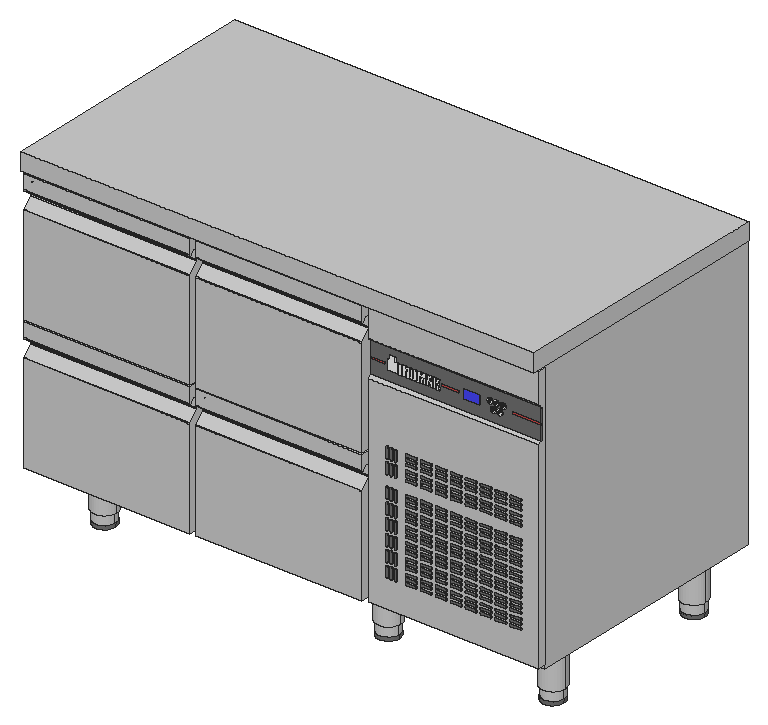
Revit family "QF_INOMAK_PNRP99_250611032759", category Specialty Equipment, Revit 2021
Family settings
  Round Connector Dimension = Use Diameter
  Part Type = Normal
  OmniClass Number = 23.40.40.14
  OmniClass Title = Food Service Equipment
  Work Plane-Based = No
  Always vertical = Yes
  Cut with Voids When Loaded = No
  Shared = No
  Room Calculation Point = No
Parameters (values of type "PNRP99")
  Weight [instance] = 108.00 kg
  Warranty Start Date [instance] = ""
  Warranty Duration [instance] = ""
  Volts [instance] = 230 V
  Volt Free Conn [instance] = no
  URL Recommended Spares List [instance] = ""
  URL Manufacturer [instance] = ""
  URL Cutsheet [instance] = ""
  URL Critical Spares List [instance] = ""
  URL = "www.inomak.com"
  Technical Documentation [instance] = ""
  Tag Number [instance] = ""
  Status [instance] = ""
  Start Up Current [instance] = 0 A
  Specification by User [instance] = ""
  Specification by Manufacturer [instance] = ""
  Sound Level [instance] = ""
  Show Logo [instance] = yes
  Show Clearances [instance] = yes
  Service Life Duration [instance] = ""
  Serial Number [instance] = ""
  Seismic Rating [instance] = ""
  SMACNA No [instance] = ""
  Revision Code [instance] = ""
  Revision [instance] = ""
  Production Year [instance] = ""
  Potential Equalisation [instance] = no
  Point Load [instance] = 0
  Phase [instance] = 1
  Other Equipment Approvals [instance] = ""
  Operational Current [instance] = 0 A
  Number of Poles [instance] = 2
  No Load Power Draw [instance] = no
  NAFEM Spec ID Number [instance] = ""
  Model Warning [instance] = ""
  Model = "PNRP99"
  Min Ckt Ampacity [instance] = 0 A
  Max Overcurrent Protection [instance] = 10 A
  Masterspec [instance] = ""
  Manufacturer = "INOMAK"
  Main switch integrated [instance] = no
  Length Actual [instance] = 1342 mm
  Item Number [instance] = ""
  Installed By [instance] = ""
  Installation Date [instance] = ""
  Identify Quantity as Lot [instance] = no
  ID [instance] = ""
  Hygiene Approval [instance] = ""
  Height Actual [instance] = 900 mm
  HP power [instance] = ""
  Furnished By [instance] = ""
  Foodservice Equipment Identifier [instance] = no
  FL Amps [instance] = 1.49 A
  Electrical Remarks [instance] = ""
  Electric power [instance] = 340 W
  Electric Connection Type [instance] = ""
  Elec Conn RI Height [instance] = 0 mm
  Elec Conn Connection Height [instance] = 0 mm
  ETL Approved [instance] = no
  Description = "PINE REFRIGERATED COUNTER WITH 2 GN 1/1 DOORS"
  Depth Actual [instance] = 700 mm
  Default Elevation = 0 mm
  Cycle [instance] = 50 Hz
  Cost = 0
  Connection to energy optimisation system [instance] = yes
  Conn Plug [instance] = ""
  Conn Conduit [instance] = no
  Centralized building control system with digital interface [instance] = ""
  CSI MasterFormat [instance] = ""
  CE Approved [instance] = no
  Barcode [instance] = 0
  Author [instance] = ""
  Asset Identifier [instance] = ""
  Apparent Power [instance] = 340 VA
  Accessory [instance] = no
Reference planes
  plane 1 "Center (Front/Back)": y = 0
  plane 2: z = 0
  plane 3 "Center (Left/Right)": x = 0
Forms (mm)
  Extrusion 1, solid, not visible
    sketch origin (940.046, -100.005, 146.007) x (1, 0, 0) y (0, 1, 0)
      loop
        line (-2, 2) -> (-2, -2) -> (2, -2) -> (2, 2) -> (-2, 2)
    from -2 to 2
Dimensions and locks
  locked: nested 2 to Extrusion 1 at 2  (x2)
  aligned and locked: level to plane 2
Nested families
  nested 1: "QF_INOMAK_REF_COUNTERS_1345_2920" at (0, 0, 144), type "PNRP99"
    with Weight 108.00 kg, Warranty Start Date "", Warranty Duration "", URL Cutsheet "", Technical Documentation "", Tag Number "", Status "", Specification by User "", Specification by Manufacturer "", Sound Level "", Solid Fuel Type "", Show Clearances yes, Show Clearance yes, Service Life Duration "", Serial Number "", Seismic Rating "", SMACNA No "", Revision Code "", Revision "", Production Year "", Point Load 0, Other Equipment Approvals "", NAFEM Spec ID Number "", Model Warning "", Masterspec "", Length Actual 1342 mm, Item Number "", Installed By "", Installation Date "", Identify Quantity as Lot yes, ID "", Hygiene Approval "", Height Actual 900 mm, Furnished By "", Foodservice Equipment Identifier yes, Finish none, ETL Approved yes, Depth Actual 700 mm, CSI MasterFormat "", CE Approved yes, Barcode "", Author "", Asset Identifier "", Accessory no
  nested 2: "CONN_POINT_ELE_2D___Generic_Annotation" at (940.046, -100.005, 144.007), type "CONN_POINT_ELE_2D___Generic_Annotation"
    with Onboard connection annotation symbol visibility yes
  nested 3: "QF_INOMAK_REF_COUNTERS_DOORS_DRAWERS_6956" at (0, -700, 144), type "DW-2-710"
    with Weight 0.00 kg, Warranty Start Date "", Warranty Duration "", URL Cutsheet "", Top inset 10 mm, Technical Documentation "", Tag Number "", Status "", Specification by User "", Specification by Manufacturer "", Sound Level "", Solid Fuel Type "", Show Logo yes, Show Clearances yes, Service Life Duration "", Serial Number "", Seismic Rating "", SMACNA No "", Right panel thickness 0 mm, Revision Code "", Revision "", Rear inset 0 mm, Production Year "", Point Load 0, Plinth height 0 mm, Other Equipment Approvals "", NAFEM Spec ID Number "", Model Warning "", Masterspec "", Length Actual 435 mm, Left panel thickness 0 mm, Item Number "", Installed By "", Installation Date "", Identify Quantity as Lot yes, ID "", Hygiene Approval "", Height Actual 710 mm, Furnished By "", Front inset 10 mm, Foodservice Equipment Identifier yes, Finish none, ETL Approved yes, Doors drawers type 4, Depth Actual 80 mm, CSI MasterFormat "", CE Approved yes, Bottom inset 10 mm, Barcode "", Author "", Asset Identifier "", Accessory yes
  nested 4: "QF_INOMAK_REF_COUNTERS_DOORS_DRAWERS_16448" at (450, -700, 144), type "DW-2-710"
    with Weight 0.00 kg, Warranty Start Date "", Warranty Duration "", URL Cutsheet "", Top inset 10 mm, Technical Documentation "", Tag Number "", Status "", Specification by User "", Specification by Manufacturer "", Sound Level "", Solid Fuel Type "", Show Logo yes, Show Clearances yes, Service Life Duration "", Serial Number "", Seismic Rating "", SMACNA No "", Right panel thickness 0 mm, Revision Code "", Revision "", Rear inset 0 mm, Production Year "", Point Load 0, Plinth height 0 mm, Other Equipment Approvals "", NAFEM Spec ID Number "", Model Warning "", Masterspec "", Length Actual 435 mm, Left panel thickness 0 mm, Item Number "", Installed By "", Installation Date "", Identify Quantity as Lot yes, ID "", Hygiene Approval "", Height Actual 710 mm, Furnished By "", Front inset 10 mm, Foodservice Equipment Identifier yes, Finish none, ETL Approved yes, Doors drawers type 4, Depth Actual 80 mm, CSI MasterFormat "", CE Approved yes, Bottom inset 10 mm, Barcode "", Author "", Asset Identifier "", Accessory yes
  nested 5: "QF_INOMAK_REF_COUNTERS_WORKTOPS_25919" at (0, 0, 854), type "WTWT-1345-700"
    with Worktop without backsplash yes, Worktop with backsplash no, Worktop type 3, Worktop thickness 46 mm, Without worktop no, Weight 0.00 kg, Warranty Start Date "", Warranty Duration "", URL Cutsheet "", Technical Documentation "", Tag Number "", Status "", Specification by User "", Specification by Manufacturer "", Sound Level "", Solid Fuel Type "", Show Logo yes, Show Clearances yes, Service Life Duration "", Serial Number "", Seismic Rating "", SMACNA No "", Revision Code "", Revision "", Production Year "", Point Load 0, Other Equipment Approvals "", NAFEM Spec ID Number "", Model Warning "", Masterspec "", Length Actual 1342 mm, Item Number "", Installed By "", Installation Date "", Identify Quantity as Lot yes, ID "", Hygiene Approval "", Height Actual 46 mm, Height AFF 0 mm, Furnished By "", Foodservice Equipment Identifier yes, Finish none, ETL Approved yes, Depth Actual 700 mm, CSI MasterFormat "", CE Approved yes, Barcode "", Backsplash thickness 20 mm, Backsplash height 60 mm, Author "", Asset Identifier "", Accessory yes
  nested 6: "QF_INOMAK_REF_COUNTERS_LEGS_27746" at (0, 0, 0), type "LG-1345-700"
    with Weight 0.00 kg, Warranty Start Date "", Warranty Duration "", URL Cutsheet "", Technical Documentation "", Tag Number "", Status "", Specification by User "", Specification by Manufacturer "", Sound Level "", Solid Fuel Type "", Show Logo yes, Show Clearances yes, Service Life Duration "", Serial Number "", Seismic Rating "", SMACNA No "", Revision Code "", Revision "", Production Year "", Point Load 0, Other Equipment Approvals "", NAFEM Spec ID Number "", Model Warning "", Masterspec "", Length Actual 1342 mm, Legs inset right 70 mm, Legs inset rear 90 mm, Legs inset left 100 mm, Legs inset front 150 mm, Item Number "", Installed By "", Installation Date "", Identify Quantity as Lot yes, ID "", Hygiene Approval "", Height Actual 144 mm, Furnished By "", Foodservice Equipment Identifier yes, ETL Approved yes, Depth Actual 700 mm, CentralLegs no, CSI MasterFormat "", CE Approved yes, Barcode "", Author "", Asset Identifier "", Accessory yes
Connectors
  electrical at (940.046, -100.005, 144.007), driven by "Apparent Power", driven by "Number of Poles", driven by "Volts"
    settings: on Extrusion 1, index 1, voltage 230 V, apparent load 0 VA, apparent load phase1 340 VA, apparent load phase2 0 VA, apparent load phase3 0 VA, power factor 1, load classification "Other", number of poles 2, system type 31, power factor state 1, is connector primary yes, connector utility no, sub classification motor no, connector description "Electrical connection for PNRP99"
Definition of nested family "QF_INOMAK_REF_COUNTERS_1345_2920"
  Parameters (values of type "PNRP99")
    Weight [instance] = 0.00 kg
    Warranty Start Date [instance] = ""
    Warranty Duration [instance] = ""
    URL Cutsheet [instance] = ""
    URL = "www.inomak.com"
    Technical Documentation [instance] = ""
    Tag Number [instance] = ""
    Status [instance] = ""
    Specification by User [instance] = ""
    Specification by Manufacturer [instance] = ""
    Sound Level [instance] = ""
    Solid Fuel Type [instance] = ""
    Show Logo = yes
    Show Clearances [instance] = yes
    Show Clearance [instance] = yes
    Service Life Duration [instance] = ""
    Serial Number [instance] = ""
    Seismic Rating [instance] = ""
    SMACNA No [instance] = ""
    Revision Code [instance] = ""
    Revision [instance] = ""
    Production Year [instance] = ""
    Point Load [instance] = 0
    Other Equipment Approvals [instance] = ""
    NAFEM Spec ID Number [instance] = ""
    Model Warning [instance] = ""
    Model = "PNRP99"
    Masterspec [instance] = ""
    Manufacturer = "INOMAK"
    Length Actual [instance] = 0 mm
    Length = 1342 mm
    Item Number [instance] = ""
    Installed By [instance] = ""
    Installation Date [instance] = ""
    Identify Quantity as Lot [instance] = yes
    ID [instance] = ""
    Hygiene Approval [instance] = ""
    Height Actual [instance] = 0 mm
    Height = 710 mm
    Furnished By [instance] = ""
    Foodservice Equipment Identifier [instance] = yes
    Finish [instance] = none
    ETL Approved [instance] = yes
    Description = "PINE REFRIGERATED COUNTER WITH 2 GN 1/1 DOORS"
    Depth Actual [instance] = 0 mm
    Depth = 700 mm
    Default Elevation = 0 mm
    CSI MasterFormat [instance] = ""
    CE Approved [instance] = yes
    Barcode [instance] = ""
    Author [instance] = ""
    Asset Identifier [instance] = ""
    Assembly Code = "E1090320"
    Accessory [instance] = yes
  Types (2, lengths in mm): name | Model | Description | Depth
    PNRP99 | "PNRP99" | "PINE REFRIGERATED COUNTER WITH 2 GN 1/1 DOORS" | 700
    PMRP99 | "PMRP99" | "CLOVER CHILLER COUNTER WITH 2 DOORS, COMPACT DIMENSIONS" | 600
  Reference planes
    plane 1 "Back": y = 0
    plane 2: z = 0
    plane 3 "Left": x = 0
    plane 4 "Right": x = 1342
    plane 5 "Front": y = -700
    plane 6 "Top": z = 710
  Forms (mm)
    Extrusion 1, solid, material <- "Finish"
      sketch origin (0, 0, 0) x (1, 0, 0) y (0, 1, 0)
        loop
          line (0, -648) -> (30, -648) -> (30, -30) -> (867, -30) -> (867, -648) -> (897, -648) -> (897, -665) -> (1342, -665) -> (1342, 0) -> (0, 0) -> (0, -648)
      from 0 to 710
    Extrusion 2, solid, material <- "Finish"
      sketch origin (0, 0, 0) x (1, 0, 0) y (0, 1, 0)
        loop
          line (30, -30) -> (30, -648) -> (867, -648) -> (867, -30) -> (30, -30)
      from 0 to 45
    Extrusion 3, solid, material <- "Finish"
      sketch origin (0, 0, 710) x (0, 1, 0) y (-1, 0, 0)
        loop
          line (-30, -30) -> (-648, -30) -> (-648, -867) -> (-30, -867) -> (-30, -30)
      from 0 to -30
    Extrusion 4, solid, material <- "Finish"
      sketch origin (1342, 0, 0) x (0, -1, 0) y (0, 0, 1)
        loop
          line (683.05, 705) -> (665, 705) -> (665, 10) -> (683.05, 10) -> (683.05, 532.058) -> (676.05, 539.058) -> (676.05, 618.864) -> (683.05, 625.864) -> (683.05, 705)
      from 0 to 445
    Extrusion 5, solid
      sketch origin (0, -700, 0) x (-1, 0, 0) y (0, 0, 1)
        loop
          circle (-1208.654, 586.73) r 6.965
        loop
          circle (-1225.685, 586.73) r 6.965
        loop
          circle (-1242.694, 586.73) r 6.965
        loop
          circle (-1217.18, 568.729) r 6.965
        loop
          circle (-1234.189, 568.729) r 6.965
        loop
          circle (-1208.654, 586.73) r 3.965
        loop
          circle (-1225.685, 586.73) r 3.965
        loop
          circle (-1242.694, 586.73) r 3.965
        loop
          circle (-1217.18, 568.729) r 3.965
        loop
          circle (-1234.189, 568.729) r 3.965
      from 23 to 25.5
    Extrusion 6, solid
      sketch origin (0, -700, 0) x (-1, 0, 0) y (0, 0, 1)
        loop
          line (-1180.865, 590.461) -> (-1180.865, 567.461) -> (-1140.865, 567.461) -> (-1140.865, 590.461) -> (-1180.865, 590.461)
      from 23 to 25.5
    Extrusion 7, solid
      sketch origin (0, -700, 0) x (-1, 0, 0) y (0, 0, 1)
        loop
          line (-897, 618.864) -> (-1342, 618.864) -> (-1342, 539.058) -> (-897, 539.058) -> (-897, 618.864)
      from 23.5 to 25.5
    Extrusion 8, solid, visible <- "Show Logo"
      sketch origin (0, -700, 0) x (-1, 0, 0) y (0, 0, 1)
        loop
          line (-941.061, 591.01) -> (-947.061, 591.01) -> (-947.061, 602.118) -> (-961.298, 602.118) -> (-961.298, 591.01) -> (-967.298, 591.01) -> (-967.298, 564.76) -> (-941.061, 564.76) -> (-941.061, 591.01)
        loop
          line (-971.613, 590.698) -> (-978.903, 590.698) -> (-978.903, 564.76) -> (-971.613, 564.76) -> (-971.613, 590.698)
        loop
          line (-981.422, 564.76) -> (-981.422, 590.698) -> (-988.256, 590.698) -> (-991.449, 578.78) -> (-991.449, 590.698) -> (-997.982, 590.698) -> (-997.982, 564.76) -> (-991.449, 564.76) -> (-987.735, 578.623) -> (-987.735, 564.76) -> (-981.422, 564.76)
        loop
          line (-1018.664, 564.76) -> (-1018.664, 590.698) -> (-1027.626, 590.698) -> (-1029.988, 576.688) -> (-1032.35, 590.698) -> (-1041.312, 590.698) -> (-1041.312, 564.76) -> (-1034.687, 564.76) -> (-1034.687, 578.623) -> (-1032.35, 564.76) -> (-1027.626, 564.76) -> (-1025.289, 578.623) -> (-1025.289, 564.76) -> (-1018.664, 564.76)
        loop
          line (-1003.851, 590.698) -> (-1013.176, 590.698)
          arc (-1013.176, 590.698) -> (-1015.773, 589.622) -> (-1016.849, 587.026) r 3.672
          line (-1016.849, 587.026) -> (-1016.849, 568.433)
          arc (-1016.849, 568.433) -> (-1015.773, 565.836) -> (-1013.176, 564.76) r 3.672
          line (-1013.176, 564.76) -> (-1003.851, 564.76)
          arc (-1003.851, 564.76) -> (-1001.255, 565.836) -> (-1000.179, 568.433) r 3.672
          line (-1000.179, 568.433) -> (-1000.179, 587.026)
          arc (-1000.179, 587.026) -> (-1001.255, 589.622) -> (-1003.851, 590.698) r 3.672
        loop
          arc (-1007.487, 587.542) -> (-1008.514, 588.569) -> (-1009.541, 587.542) r 1.027
          line (-1009.541, 587.542) -> (-1009.541, 568.949)
          arc (-1009.541, 568.949) -> (-1008.514, 567.922) -> (-1007.487, 568.949) r 1.027
          line (-1007.487, 568.949) -> (-1007.487, 587.542)
        loop
          line (-1042.382, 564.76) -> (-1046.755, 590.698) -> (-1055.615, 590.698) -> (-1059.988, 564.76) -> (-1053.461, 564.76) -> (-1052.852, 569.723) -> (-1049.518, 569.723) -> (-1048.909, 564.76) -> (-1042.382, 564.76)
        loop
          line (-1050.074, 574.252) -> (-1051.185, 583.299) -> (-1052.296, 574.252) -> (-1050.074, 574.252)
        loop
          line (-1060.954, 564.76) -> (-1060.954, 590.698) -> (-1067.579, 590.698) -> (-1067.579, 581.585) -> (-1070.365, 590.698) -> (-1077.803, 590.698) -> (-1073.474, 579.422) -> (-1078.522, 564.76) -> (-1070.939, 564.76) -> (-1067.579, 577.3) -> (-1067.579, 564.76) -> (-1060.954, 564.76)
      from 23 to 25.5
    Extrusion 9, solid
      sketch origin (0, -700, 0) x (-1, 0, 0) y (0, 0, 1)
        loop
          line (-897, 580.961) -> (-933.995, 580.961) -> (-933.995, 576.961) -> (-897, 576.961) -> (-897, 580.961)
        loop
          line (-1082, 580.961) -> (-1126.365, 580.961) -> (-1126.365, 576.961) -> (-1082, 576.961) -> (-1082, 580.961)
        loop
          line (-1342, 580.961) -> (-1342, 576.961) -> (-1268.755, 576.961) -> (-1268.755, 580.961) -> (-1342, 580.961)
      from 23 to 25.5
  Cuts and joins
    joined: Extrusion 1, Extrusion 2, Extrusion 3
  Lines and regions (mm)
    symbolic lines, visible <- "Show Clearance"
      curve 1: line (0, 0, 0) -> (1342, 0, 0)
      curve 2: line (1342, 0, 0) -> (1342, -700, 0)
      curve 3: line (1342, -700, 0) -> (0, -700, 0)
      curve 4: line (0, -700, 0) -> (0, 0, 0)
  Dimensions and locks
    "Length": plane 3 "Left" to plane 4 "Right"
    "Depth": plane 5 "Front" to plane 1 "Back"
    "Height": plane 6 "Top" to plane 2
    aligned and locked: level to plane 2
    aligned and locked: plane 6 "Top" to Extrusion 1
    aligned and locked: nested 1 to plane 4 "Right"
    aligned and locked: plane 5 "Front" to nested 1
    aligned and locked: plane 5 "Front" to curve 3
  Automatic sketch dimensions
    plane 3 "Left" to Extrusion 2 sketch curve = 30 mm
    plane 4 "Right" to Extrusion 2 sketch curve = 475 mm
    plane 1 "Back" to Extrusion 2 sketch curve = 30 mm
    plane 1 "Back" to Extrusion 3 sketch curve = 30 mm
    plane 4 "Right" to Extrusion 3 sketch curve = 475 mm
    plane 3 "Left" to Extrusion 3 sketch curve = 30 mm
    Extrusion 1 sketch curve to plane 3 "Left" = 0 mm
    plane 1 "Back" to Extrusion 1 sketch curve = 0 mm
    Extrusion 1 sketch curve to plane 4 "Right" = 0 mm
    plane 3 "Left" to Extrusion 1 sketch curve = 30 mm
    plane 1 "Back" to Extrusion 1 sketch curve = 30 mm
    plane 4 "Right" to Extrusion 1 sketch curve = 475 mm
    Extrusion 1 sketch curve to Extrusion 1 sketch curve = 30 mm
    plane 5 "Front" to Extrusion 1 sketch curve = 35 mm
    plane 5 "Front" to Extrusion 1 sketch curve = 52 mm
    Extrusion 1 sketch curve to Extrusion 1 sketch curve = 17 mm
    plane 5 "Front" to Extrusion 2 sketch curve = 52 mm
    plane 5 "Front" to Extrusion 3 sketch curve = 52 mm
    Extrusion 4 sketch curve to plane 6 "Top" = 5 mm
    plane 5 "Front" to Extrusion 4 sketch curve = 35 mm
    plane 5 "Front" to Extrusion 4 sketch curve = 23.95 mm
    Extrusion 4 sketch curve to Extrusion 4 sketch curve = 7 mm  (x4)
    Extrusion 4 sketch curve to Extrusion 4 sketch curve = 79.136 mm
    Extrusion 4 sketch curve to Extrusion 4 sketch curve = 79.807 mm
    level to Extrusion 4 sketch curve = 10 mm
    Extrusion 5 sketch curve to Extrusion 5 sketch curve = 0 mm  (x13)
    plane 4 "Right" to Extrusion 5 sketch curve = 99.306 mm
    Extrusion 5 sketch curve to Extrusion 5 sketch curve = 8.505 mm
    Extrusion 5 sketch curve to Extrusion 5 sketch curve = 17.009 mm  (x2)
    Extrusion 5 sketch curve to Extrusion 5 sketch curve = 17.03 mm
    Extrusion 5 sketch curve to plane 6 "Top" = 141.271 mm
    Extrusion 5 sketch curve to Extrusion 5 sketch curve = 18.001 mm
    plane 4 "Right" to Extrusion 6 sketch curve = 161.135 mm
    Extrusion 6 sketch curve to Extrusion 6 sketch curve = 40 mm
    Extrusion 6 sketch curve to plane 6 "Top" = 142.539 mm
    Extrusion 6 sketch curve to Extrusion 6 sketch curve = 23 mm
    plane 4 "Right" to Extrusion 7 sketch curve = 0 mm
    Extrusion 7 sketch curve to plane 6 "Top" = 170.942 mm
    plane 4 "Right" to Extrusion 7 sketch curve = 445 mm
    Extrusion 7 sketch curve to Extrusion 7 sketch curve = 79.807 mm
    plane 4 "Right" to Extrusion 8 sketch curve = 263.478 mm
    Extrusion 8 sketch curve to Extrusion 8 sketch curve = 0.72 mm
    Extrusion 8 sketch curve to plane 6 "Top" = 130.578 mm
    Extrusion 8 sketch curve to Extrusion 8 sketch curve = 4.329 mm
    Extrusion 8 sketch curve to Extrusion 8 sketch curve = 7.584 mm
    Extrusion 8 sketch curve to plane 6 "Top" = 119.302 mm  (x2)
    Extrusion 8 sketch curve to Extrusion 8 sketch curve = 7.438 mm
    Extrusion 8 sketch curve to plane 6 "Top" = 132.7 mm
    Extrusion 8 sketch curve to Extrusion 8 sketch curve = 5.895 mm
    Extrusion 8 sketch curve to plane 6 "Top" = 128.415 mm
    Extrusion 8 sketch curve to Extrusion 8 sketch curve = 0 mm  (x11)
    Extrusion 8 sketch curve to Extrusion 8 sketch curve = 6.625 mm  (x2)
    Extrusion 8 sketch curve to Extrusion 8 sketch curve = 0.965 mm
    Extrusion 8 sketch curve to Extrusion 8 sketch curve = 5.338 mm
    Extrusion 8 sketch curve to Extrusion 8 sketch curve = 6.527 mm  (x2)
    Extrusion 8 sketch curve to plane 6 "Top" = 140.277 mm
    Extrusion 8 sketch curve to Extrusion 8 sketch curve = 0.609 mm
    Extrusion 8 sketch curve to plane 6 "Top" = 135.748 mm
    Extrusion 8 sketch curve to Extrusion 8 sketch curve = 0.556 mm
    Extrusion 8 sketch curve to plane 6 "Top" = 126.701 mm
    Extrusion 8 sketch curve to Extrusion 8 sketch curve = 4.43 mm  (x2)
    Extrusion 8 sketch curve to Extrusion 8 sketch curve = 2.222 mm
    Extrusion 8 sketch curve to Extrusion 8 sketch curve = 3.334 mm
    Extrusion 8 sketch curve to Extrusion 8 sketch curve = 4.552 mm
    Extrusion 8 sketch curve to plane 6 "Top" = 145.24 mm  (x2)
    Extrusion 8 sketch curve to Extrusion 8 sketch curve = 1.069 mm
    Extrusion 8 sketch curve to plane 6 "Top" = 131.377 mm  (x2)
    Extrusion 8 sketch curve to Extrusion 8 sketch curve = 8.962 mm  (x2)
    Extrusion 8 sketch curve to Extrusion 8 sketch curve = 2.337 mm
    Extrusion 8 sketch curve to plane 6 "Top" = 133.312 mm
    Extrusion 8 sketch curve to Extrusion 8 sketch curve = 4.699 mm  (x2)
    Extrusion 8 sketch curve to Extrusion 8 sketch curve = 4.724 mm  (x2)
    Extrusion 8 sketch curve to Extrusion 8 sketch curve = 1.815 mm
    Extrusion 8 sketch curve to Extrusion 8 sketch curve = 3.672 mm  (x8)
    Extrusion 8 sketch curve to Extrusion 8 sketch curve = 3.636 mm  (x3)
    Extrusion 8 sketch curve to Extrusion 8 sketch curve = 1.027 mm
    Extrusion 8 sketch curve to Extrusion 8 sketch curve = 2.197 mm
    Extrusion 8 sketch curve to Extrusion 8 sketch curve = 6.532 mm  (x2)
    Extrusion 8 sketch curve to Extrusion 8 sketch curve = 3.194 mm
    Extrusion 8 sketch curve to Extrusion 8 sketch curve = 3.714 mm
    Extrusion 8 sketch curve to Extrusion 8 sketch curve = 6.312 mm
    Extrusion 8 sketch curve to Extrusion 8 sketch curve = 2.52 mm
    Extrusion 8 sketch curve to Extrusion 8 sketch curve = 7.29 mm
    Extrusion 8 sketch curve to Extrusion 8 sketch curve = 4.315 mm
    Extrusion 8 sketch curve to Extrusion 8 sketch curve = 6 mm
    Extrusion 8 sketch curve to Extrusion 8 sketch curve = 14.237 mm
    Extrusion 8 sketch curve to Extrusion 8 sketch curve = 26.237 mm
    Extrusion 8 sketch curve to Extrusion 8 sketch curve = 14.661 mm
    Extrusion 8 sketch curve to Extrusion 8 sketch curve = 4.963 mm
    Extrusion 8 sketch curve to Extrusion 8 sketch curve = 0.516 mm  (x2)
    Extrusion 8 sketch curve to Extrusion 8 sketch curve = 13.862 mm
    Extrusion 8 sketch curve to Extrusion 8 sketch curve = 0.157 mm
    Extrusion 8 sketch curve to Extrusion 8 sketch curve = 26.25 mm
    Extrusion 8 sketch curve to Extrusion 8 sketch curve = 0.312 mm
    Extrusion 8 sketch curve to Extrusion 8 sketch curve = 11.107 mm
    plane 4 "Right" to Extrusion 9 sketch curve = 0 mm
    plane 4 "Right" to Extrusion 9 sketch curve = 73.245 mm
    Extrusion 9 sketch curve to Extrusion 9 sketch curve = 142.39 mm
    Extrusion 9 sketch curve to Extrusion 9 sketch curve = 44.365 mm
    Extrusion 9 sketch curve to Extrusion 9 sketch curve = 148.005 mm
    Extrusion 9 sketch curve to Extrusion 9 sketch curve = 36.995 mm
    Extrusion 9 sketch curve to plane 6 "Top" = 133.039 mm  (x3)
    Extrusion 9 sketch curve to Extrusion 9 sketch curve = 4 mm  (x3)
    plane 1 "Back" to curve 1 = 0 mm
    curve 1 to plane 3 "Left" = 0 mm
    curve 2 to plane 4 "Right" = 0 mm
    radius of Extrusion 5 sketch curve = 6.965 mm  (x5)
    radius of Extrusion 5 sketch curve = 3.965 mm  (x5)
  Nested families
    nested 1: "QF_INOMAK_CONRTOL-PANEL" at (1342, 0, 0), type "PNRP9999"
      with Show Clearance yes
  Definition of nested family "QF_INOMAK_CONRTOL-PANEL"
    Parameters (values of type "PNRP9999")
      URL = ""
      Show Logo = yes
      Show Clearance [instance] = yes
      Model = ""
      Manufacturer = ""
      Length = 0 mm
      Height = 710 mm
      Front offset = 80 mm
      Description = ""
      Depth = 700 mm
      Default Elevation = 0 mm
      Assembly Code = ""
    Reference planes
      plane 1 "Back": y = 0
      plane 2: z = 0
      plane 3 "Left": x = 0
      plane 4 "Right": x = 0
      plane 5 "Front": y = -700
      plane 6 "Top": z = 710
      plane 7 "Front offset": y = -620
    Forms (mm)
      Extrusion 1, solid
        sketch origin (-2240, -700, 0) x (-1, 0, 0) y (0, 0, 1)
          loop
            arc (-2191.4, 389.855) -> (-2194.4, 386.855) -> (-2191.4, 383.855) r 3
            line (-2191.4, 383.855) -> (-2167.4, 383.855)
            arc (-2167.4, 383.855) -> (-2164.4, 386.855) -> (-2167.4, 389.855) r 3
            line (-2167.4, 389.855) -> (-2191.4, 389.855)
          loop
            arc (-2152.4, 389.855) -> (-2155.4, 386.855) -> (-2152.4, 383.855) r 3
            line (-2152.4, 383.855) -> (-2128.4, 383.855)
            arc (-2128.4, 383.855) -> (-2125.4, 386.855) -> (-2128.4, 389.855) r 3
            line (-2128.4, 389.855) -> (-2152.4, 389.855)
          loop
            arc (-2113.4, 389.855) -> (-2116.4, 386.855) -> (-2113.4, 383.855) r 3
            line (-2113.4, 383.855) -> (-2089.4, 383.855)
            arc (-2089.4, 383.855) -> (-2086.4, 386.855) -> (-2089.4, 389.855) r 3
            line (-2089.4, 389.855) -> (-2113.4, 389.855)
          loop
            arc (-2074.4, 389.855) -> (-2077.4, 386.855) -> (-2074.4, 383.855) r 3
            line (-2074.4, 383.855) -> (-2050.4, 383.855)
            arc (-2050.4, 383.855) -> (-2047.4, 386.855) -> (-2050.4, 389.855) r 3
            line (-2050.4, 389.855) -> (-2074.4, 389.855)
          loop
            arc (-2035.4, 389.855) -> (-2038.4, 386.855) -> (-2035.4, 383.855) r 3
            line (-2035.4, 383.855) -> (-2011.4, 383.855)
            arc (-2011.4, 383.855) -> (-2008.4, 386.855) -> (-2011.4, 389.855) r 3
            line (-2011.4, 389.855) -> (-2035.4, 389.855)
          loop
            arc (-1996.4, 389.855) -> (-1999.4, 386.855) -> (-1996.4, 383.855) r 3
            line (-1996.4, 383.855) -> (-1972.4, 383.855)
            arc (-1972.4, 383.855) -> (-1969.4, 386.855) -> (-1972.4, 389.855) r 3
            line (-1972.4, 389.855) -> (-1996.4, 389.855)
          loop
            arc (-1957.4, 389.855) -> (-1960.4, 386.855) -> (-1957.4, 383.855) r 3
            line (-1957.4, 383.855) -> (-1933.4, 383.855)
            arc (-1933.4, 383.855) -> (-1930.4, 386.855) -> (-1933.4, 389.855) r 3
            line (-1933.4, 389.855) -> (-1957.4, 389.855)
          loop
            arc (-1918.4, 389.855) -> (-1921.4, 386.855) -> (-1918.4, 383.855) r 3
            line (-1918.4, 383.855) -> (-1894.4, 383.855)
            arc (-1894.4, 383.855) -> (-1891.4, 386.855) -> (-1894.4, 389.855) r 3
            line (-1894.4, 389.855) -> (-1918.4, 389.855)
          loop
            arc (-2191.4, 378.855) -> (-2194.4, 375.855) -> (-2191.4, 372.855) r 3
            line (-2191.4, 372.855) -> (-2167.4, 372.855)
            arc (-2167.4, 372.855) -> (-2164.4, 375.855) -> (-2167.4, 378.855) r 3
            line (-2167.4, 378.855) -> (-2191.4, 378.855)
          loop
            arc (-2152.4, 378.855) -> (-2155.4, 375.855) -> (-2152.4, 372.855) r 3
            line (-2152.4, 372.855) -> (-2128.4, 372.855)
            arc (-2128.4, 372.855) -> (-2125.4, 375.855) -> (-2128.4, 378.855) r 3
            line (-2128.4, 378.855) -> (-2152.4, 378.855)
          loop
            arc (-2113.4, 378.855) -> (-2116.4, 375.855) -> (-2113.4, 372.855) r 3
            line (-2113.4, 372.855) -> (-2089.4, 372.855)
            arc (-2089.4, 372.855) -> (-2086.4, 375.855) -> (-2089.4, 378.855) r 3
            line (-2089.4, 378.855) -> (-2113.4, 378.855)
          loop
            arc (-2074.4, 378.855) -> (-2077.4, 375.855) -> (-2074.4, 372.855) r 3
            line (-2074.4, 372.855) -> (-2050.4, 372.855)
            arc (-2050.4, 372.855) -> (-2047.4, 375.855) -> (-2050.4, 378.855) r 3
            line (-2050.4, 378.855) -> (-2074.4, 378.855)
          loop
            arc (-2035.4, 378.855) -> (-2038.4, 375.855) -> (-2035.4, 372.855) r 3
            line (-2035.4, 372.855) -> (-2011.4, 372.855)
            arc (-2011.4, 372.855) -> (-2008.4, 375.855) -> (-2011.4, 378.855) r 3
            line (-2011.4, 378.855) -> (-2035.4, 378.855)
          loop
            arc (-1996.4, 378.855) -> (-1999.4, 375.855) -> (-1996.4, 372.855) r 3
            line (-1996.4, 372.855) -> (-1972.4, 372.855)
            arc (-1972.4, 372.855) -> (-1969.4, 375.855) -> (-1972.4, 378.855) r 3
            line (-1972.4, 378.855) -> (-1996.4, 378.855)
          loop
            arc (-1957.4, 378.855) -> (-1960.4, 375.855) -> (-1957.4, 372.855) r 3
            line (-1957.4, 372.855) -> (-1933.4, 372.855)
            arc (-1933.4, 372.855) -> (-1930.4, 375.855) -> (-1933.4, 378.855) r 3
            line (-1933.4, 378.855) -> (-1957.4, 378.855)
          loop
            arc (-1918.4, 378.855) -> (-1921.4, 375.855) -> (-1918.4, 372.855) r 3
            line (-1918.4, 372.855) -> (-1894.4, 372.855)
            arc (-1894.4, 372.855) -> (-1891.4, 375.855) -> (-1894.4, 378.855) r 3
            line (-1894.4, 378.855) -> (-1918.4, 378.855)
          loop
            arc (-2191.4, 367.855) -> (-2194.4, 364.855) -> (-2191.4, 361.855) r 3
            line (-2191.4, 361.855) -> (-2167.4, 361.855)
            arc (-2167.4, 361.855) -> (-2164.4, 364.855) -> (-2167.4, 367.855) r 3
            line (-2167.4, 367.855) -> (-2191.4, 367.855)
          loop
            arc (-2152.4, 367.855) -> (-2155.4, 364.855) -> (-2152.4, 361.855) r 3
            line (-2152.4, 361.855) -> (-2128.4, 361.855)
            arc (-2128.4, 361.855) -> (-2125.4, 364.855) -> (-2128.4, 367.855) r 3
            line (-2128.4, 367.855) -> (-2152.4, 367.855)
          loop
            arc (-2113.4, 367.855) -> (-2116.4, 364.855) -> (-2113.4, 361.855) r 3
            line (-2113.4, 361.855) -> (-2089.4, 361.855)
            arc (-2089.4, 361.855) -> (-2086.4, 364.855) -> (-2089.4, 367.855) r 3
            line (-2089.4, 367.855) -> (-2113.4, 367.855)
          loop
            arc (-2074.4, 367.855) -> (-2077.4, 364.855) -> (-2074.4, 361.855) r 3
            line (-2074.4, 361.855) -> (-2050.4, 361.855)
            arc (-2050.4, 361.855) -> (-2047.4, 364.855) -> (-2050.4, 367.855) r 3
            line (-2050.4, 367.855) -> (-2074.4, 367.855)
          loop
            arc (-2035.4, 367.855) -> (-2038.4, 364.855) -> (-2035.4, 361.855) r 3
            line (-2035.4, 361.855) -> (-2011.4, 361.855)
            arc (-2011.4, 361.855) -> (-2008.4, 364.855) -> (-2011.4, 367.855) r 3
            line (-2011.4, 367.855) -> (-2035.4, 367.855)
          loop
            arc (-1996.4, 367.855) -> (-1999.4, 364.855) -> (-1996.4, 361.855) r 3
            line (-1996.4, 361.855) -> (-1972.4, 361.855)
            arc (-1972.4, 361.855) -> (-1969.4, 364.855) -> (-1972.4, 367.855) r 3
            line (-1972.4, 367.855) -> (-1996.4, 367.855)
          loop
            arc (-1957.4, 367.855) -> (-1960.4, 364.855) -> (-1957.4, 361.855) r 3
            line (-1957.4, 361.855) -> (-1933.4, 361.855)
            arc (-1933.4, 361.855) -> (-1930.4, 364.855) -> (-1933.4, 367.855) r 3
            line (-1933.4, 367.855) -> (-1957.4, 367.855)
          loop
            arc (-1918.4, 367.855) -> (-1921.4, 364.855) -> (-1918.4, 361.855) r 3
            line (-1918.4, 361.855) -> (-1894.4, 361.855)
            arc (-1894.4, 361.855) -> (-1891.4, 364.855) -> (-1894.4, 367.855) r 3
            line (-1894.4, 367.855) -> (-1918.4, 367.855)
          loop
            arc (-2191.4, 352.855) -> (-2194.4, 349.855) -> (-2191.4, 346.855) r 3
            line (-2191.4, 346.855) -> (-2167.4, 346.855)
            arc (-2167.4, 346.855) -> (-2164.4, 349.855) -> (-2167.4, 352.855) r 3
            line (-2167.4, 352.855) -> (-2191.4, 352.855)
          loop
            arc (-2152.4, 352.855) -> (-2155.4, 349.855) -> (-2152.4, 346.855) r 3
            line (-2152.4, 346.855) -> (-2128.4, 346.855)
            arc (-2128.4, 346.855) -> (-2125.4, 349.855) -> (-2128.4, 352.855) r 3
            line (-2128.4, 352.855) -> (-2152.4, 352.855)
          loop
            arc (-2113.4, 352.855) -> (-2116.4, 349.855) -> (-2113.4, 346.855) r 3
            line (-2113.4, 346.855) -> (-2089.4, 346.855)
            arc (-2089.4, 346.855) -> (-2086.4, 349.855) -> (-2089.4, 352.855) r 3
            line (-2089.4, 352.855) -> (-2113.4, 352.855)
          loop
            arc (-2074.4, 352.855) -> (-2077.4, 349.855) -> (-2074.4, 346.855) r 3
            line (-2074.4, 346.855) -> (-2050.4, 346.855)
            arc (-2050.4, 346.855) -> (-2047.4, 349.855) -> (-2050.4, 352.855) r 3
            line (-2050.4, 352.855) -> (-2074.4, 352.855)
          loop
            arc (-2035.4, 352.855) -> (-2038.4, 349.855) -> (-2035.4, 346.855) r 3
            line (-2035.4, 346.855) -> (-2011.4, 346.855)
            arc (-2011.4, 346.855) -> (-2008.4, 349.855) -> (-2011.4, 352.855) r 3
            line (-2011.4, 352.855) -> (-2035.4, 352.855)
          loop
            arc (-1996.4, 352.855) -> (-1999.4, 349.855) -> (-1996.4, 346.855) r 3
            line (-1996.4, 346.855) -> (-1972.4, 346.855)
            arc (-1972.4, 346.855) -> (-1969.4, 349.855) -> (-1972.4, 352.855) r 3
            line (-1972.4, 352.855) -> (-1996.4, 352.855)
          loop
            arc (-1957.4, 352.855) -> (-1960.4, 349.855) -> (-1957.4, 346.855) r 3
            line (-1957.4, 346.855) -> (-1933.4, 346.855)
            arc (-1933.4, 346.855) -> (-1930.4, 349.855) -> (-1933.4, 352.855) r 3
            line (-1933.4, 352.855) -> (-1957.4, 352.855)
          loop
            arc (-1918.4, 352.855) -> (-1921.4, 349.855) -> (-1918.4, 346.855) r 3
            line (-1918.4, 346.855) -> (-1894.4, 346.855)
            arc (-1894.4, 346.855) -> (-1891.4, 349.855) -> (-1894.4, 352.855) r 3
            line (-1894.4, 352.855) -> (-1918.4, 352.855)
          loop
            arc (-2191.4, 341.855) -> (-2194.4, 338.855) -> (-2191.4, 335.855) r 3
            line (-2191.4, 335.855) -> (-2167.4, 335.855)
            arc (-2167.4, 335.855) -> (-2164.4, 338.855) -> (-2167.4, 341.855) r 3
            line (-2167.4, 341.855) -> (-2191.4, 341.855)
          loop
            arc (-2152.4, 341.855) -> (-2155.4, 338.855) -> (-2152.4, 335.855) r 3
            line (-2152.4, 335.855) -> (-2128.4, 335.855)
            arc (-2128.4, 335.855) -> (-2125.4, 338.855) -> (-2128.4, 341.855) r 3
            line (-2128.4, 341.855) -> (-2152.4, 341.855)
          loop
            arc (-2113.4, 341.855) -> (-2116.4, 338.855) -> (-2113.4, 335.855) r 3
            line (-2113.4, 335.855) -> (-2089.4, 335.855)
            arc (-2089.4, 335.855) -> (-2086.4, 338.855) -> (-2089.4, 341.855) r 3
            line (-2089.4, 341.855) -> (-2113.4, 341.855)
          loop
            arc (-2074.4, 341.855) -> (-2077.4, 338.855) -> (-2074.4, 335.855) r 3
            line (-2074.4, 335.855) -> (-2050.4, 335.855)
            arc (-2050.4, 335.855) -> (-2047.4, 338.855) -> (-2050.4, 341.855) r 3
            line (-2050.4, 341.855) -> (-2074.4, 341.855)
          loop
            arc (-2035.4, 341.855) -> (-2038.4, 338.855) -> (-2035.4, 335.855) r 3
            line (-2035.4, 335.855) -> (-2011.4, 335.855)
            arc (-2011.4, 335.855) -> (-2008.4, 338.855) -> (-2011.4, 341.855) r 3
            line (-2011.4, 341.855) -> (-2035.4, 341.855)
          loop
            arc (-1996.4, 341.855) -> (-1999.4, 338.855) -> (-1996.4, 335.855) r 3
            line (-1996.4, 335.855) -> (-1972.4, 335.855)
            arc (-1972.4, 335.855) -> (-1969.4, 338.855) -> (-1972.4, 341.855) r 3
            line (-1972.4, 341.855) -> (-1996.4, 341.855)
          loop
            arc (-1957.4, 341.855) -> (-1960.4, 338.855) -> (-1957.4, 335.855) r 3
            line (-1957.4, 335.855) -> (-1933.4, 335.855)
            arc (-1933.4, 335.855) -> (-1930.4, 338.855) -> (-1933.4, 341.855) r 3
            line (-1933.4, 341.855) -> (-1957.4, 341.855)
          loop
            arc (-1918.4, 341.855) -> (-1921.4, 338.855) -> (-1918.4, 335.855) r 3
            line (-1918.4, 335.855) -> (-1894.4, 335.855)
            arc (-1894.4, 335.855) -> (-1891.4, 338.855) -> (-1894.4, 341.855) r 3
            line (-1894.4, 341.855) -> (-1918.4, 341.855)
          loop
            arc (-2191.4, 330.855) -> (-2194.4, 327.855) -> (-2191.4, 324.855) r 3
            line (-2191.4, 324.855) -> (-2167.4, 324.855)
            arc (-2167.4, 324.855) -> (-2164.4, 327.855) -> (-2167.4, 330.855) r 3
            line (-2167.4, 330.855) -> (-2191.4, 330.855)
          loop
            arc (-2152.4, 330.855) -> (-2155.4, 327.855) -> (-2152.4, 324.855) r 3
            line (-2152.4, 324.855) -> (-2128.4, 324.855)
            arc (-2128.4, 324.855) -> (-2125.4, 327.855) -> (-2128.4, 330.855) r 3
            line (-2128.4, 330.855) -> (-2152.4, 330.855)
          loop
            arc (-2113.4, 330.855) -> (-2116.4, 327.855) -> (-2113.4, 324.855) r 3
            line (-2113.4, 324.855) -> (-2089.4, 324.855)
            arc (-2089.4, 324.855) -> (-2086.4, 327.855) -> (-2089.4, 330.855) r 3
            line (-2089.4, 330.855) -> (-2113.4, 330.855)
          loop
            arc (-2074.4, 330.855) -> (-2077.4, 327.855) -> (-2074.4, 324.855) r 3
            line (-2074.4, 324.855) -> (-2050.4, 324.855)
            arc (-2050.4, 324.855) -> (-2047.4, 327.855) -> (-2050.4, 330.855) r 3
            line (-2050.4, 330.855) -> (-2074.4, 330.855)
          loop
            arc (-2035.4, 330.855) -> (-2038.4, 327.855) -> (-2035.4, 324.855) r 3
            line (-2035.4, 324.855) -> (-2011.4, 324.855)
            arc (-2011.4, 324.855) -> (-2008.4, 327.855) -> (-2011.4, 330.855) r 3
            line (-2011.4, 330.855) -> (-2035.4, 330.855)
          loop
            arc (-1996.4, 330.855) -> (-1999.4, 327.855) -> (-1996.4, 324.855) r 3
            line (-1996.4, 324.855) -> (-1972.4, 324.855)
            arc (-1972.4, 324.855) -> (-1969.4, 327.855) -> (-1972.4, 330.855) r 3
            line (-1972.4, 330.855) -> (-1996.4, 330.855)
          loop
            arc (-1957.4, 330.855) -> (-1960.4, 327.855) -> (-1957.4, 324.855) r 3
            line (-1957.4, 324.855) -> (-1933.4, 324.855)
            arc (-1933.4, 324.855) -> (-1930.4, 327.855) -> (-1933.4, 330.855) r 3
            line (-1933.4, 330.855) -> (-1957.4, 330.855)
          loop
            arc (-1918.4, 330.855) -> (-1921.4, 327.855) -> (-1918.4, 324.855) r 3
            line (-1918.4, 324.855) -> (-1894.4, 324.855)
            arc (-1894.4, 324.855) -> (-1891.4, 327.855) -> (-1894.4, 330.855) r 3
            line (-1894.4, 330.855) -> (-1918.4, 330.855)
          loop
            arc (-2191.4, 295.855) -> (-2194.4, 292.855) -> (-2191.4, 289.855) r 3
            line (-2191.4, 289.855) -> (-2167.4, 289.855)
            arc (-2167.4, 289.855) -> (-2164.4, 292.855) -> (-2167.4, 295.855) r 3
            line (-2167.4, 295.855) -> (-2191.4, 295.855)
          loop
            arc (-2152.4, 295.855) -> (-2155.4, 292.855) -> (-2152.4, 289.855) r 3
            line (-2152.4, 289.855) -> (-2128.4, 289.855)
            arc (-2128.4, 289.855) -> (-2125.4, 292.855) -> (-2128.4, 295.855) r 3
            line (-2128.4, 295.855) -> (-2152.4, 295.855)
          loop
            arc (-2113.4, 295.855) -> (-2116.4, 292.855) -> (-2113.4, 289.855) r 3
            line (-2113.4, 289.855) -> (-2089.4, 289.855)
            arc (-2089.4, 289.855) -> (-2086.4, 292.855) -> (-2089.4, 295.855) r 3
            line (-2089.4, 295.855) -> (-2113.4, 295.855)
          loop
            arc (-2074.4, 295.855) -> (-2077.4, 292.855) -> (-2074.4, 289.855) r 3
            line (-2074.4, 289.855) -> (-2050.4, 289.855)
            arc (-2050.4, 289.855) -> (-2047.4, 292.855) -> (-2050.4, 295.855) r 3
            line (-2050.4, 295.855) -> (-2074.4, 295.855)
          loop
            arc (-2035.4, 295.855) -> (-2038.4, 292.855) -> (-2035.4, 289.855) r 3
            line (-2035.4, 289.855) -> (-2011.4, 289.855)
            arc (-2011.4, 289.855) -> (-2008.4, 292.855) -> (-2011.4, 295.855) r 3
            line (-2011.4, 295.855) -> (-2035.4, 295.855)
          loop
            arc (-1996.4, 295.855) -> (-1999.4, 292.855) -> (-1996.4, 289.855) r 3
            line (-1996.4, 289.855) -> (-1972.4, 289.855)
            arc (-1972.4, 289.855) -> (-1969.4, 292.855) -> (-1972.4, 295.855) r 3
            line (-1972.4, 295.855) -> (-1996.4, 295.855)
          loop
            arc (-1957.4, 295.855) -> (-1960.4, 292.855) -> (-1957.4, 289.855) r 3
            line (-1957.4, 289.855) -> (-1933.4, 289.855)
            arc (-1933.4, 289.855) -> (-1930.4, 292.855) -> (-1933.4, 295.855) r 3
            line (-1933.4, 295.855) -> (-1957.4, 295.855)
          loop
            arc (-1918.4, 295.855) -> (-1921.4, 292.855) -> (-1918.4, 289.855) r 3
            line (-1918.4, 289.855) -> (-1894.4, 289.855)
            arc (-1894.4, 289.855) -> (-1891.4, 292.855) -> (-1894.4, 295.855) r 3
            line (-1894.4, 295.855) -> (-1918.4, 295.855)
          loop
            arc (-2191.4, 284.855) -> (-2194.4, 281.855) -> (-2191.4, 278.855) r 3
            line (-2191.4, 278.855) -> (-2167.4, 278.855)
            arc (-2167.4, 278.855) -> (-2164.4, 281.855) -> (-2167.4, 284.855) r 3
            line (-2167.4, 284.855) -> (-2191.4, 284.855)
          loop
            arc (-2152.4, 284.855) -> (-2155.4, 281.855) -> (-2152.4, 278.855) r 3
            line (-2152.4, 278.855) -> (-2128.4, 278.855)
            arc (-2128.4, 278.855) -> (-2125.4, 281.855) -> (-2128.4, 284.855) r 3
            line (-2128.4, 284.855) -> (-2152.4, 284.855)
          loop
            arc (-2113.4, 284.855) -> (-2116.4, 281.855) -> (-2113.4, 278.855) r 3
            line (-2113.4, 278.855) -> (-2089.4, 278.855)
            arc (-2089.4, 278.855) -> (-2086.4, 281.855) -> (-2089.4, 284.855) r 3
            line (-2089.4, 284.855) -> (-2113.4, 284.855)
          loop
            arc (-2074.4, 284.855) -> (-2077.4, 281.855) -> (-2074.4, 278.855) r 3
            line (-2074.4, 278.855) -> (-2050.4, 278.855)
            arc (-2050.4, 278.855) -> (-2047.4, 281.855) -> (-2050.4, 284.855) r 3
            line (-2050.4, 284.855) -> (-2074.4, 284.855)
          loop
            arc (-2035.4, 284.855) -> (-2038.4, 281.855) -> (-2035.4, 278.855) r 3
            line (-2035.4, 278.855) -> (-2011.4, 278.855)
            arc (-2011.4, 278.855) -> (-2008.4, 281.855) -> (-2011.4, 284.855) r 3
            line (-2011.4, 284.855) -> (-2035.4, 284.855)
          loop
            arc (-1996.4, 284.855) -> (-1999.4, 281.855) -> (-1996.4, 278.855) r 3
            line (-1996.4, 278.855) -> (-1972.4, 278.855)
            arc (-1972.4, 278.855) -> (-1969.4, 281.855) -> (-1972.4, 284.855) r 3
            line (-1972.4, 284.855) -> (-1996.4, 284.855)
          loop
            arc (-1957.4, 284.855) -> (-1960.4, 281.855) -> (-1957.4, 278.855) r 3
            line (-1957.4, 278.855) -> (-1933.4, 278.855)
            arc (-1933.4, 278.855) -> (-1930.4, 281.855) -> (-1933.4, 284.855) r 3
            line (-1933.4, 284.855) -> (-1957.4, 284.855)
          loop
            arc (-1918.4, 284.855) -> (-1921.4, 281.855) -> (-1918.4, 278.855) r 3
            line (-1918.4, 278.855) -> (-1894.4, 278.855)
            arc (-1894.4, 278.855) -> (-1891.4, 281.855) -> (-1894.4, 284.855) r 3
            line (-1894.4, 284.855) -> (-1918.4, 284.855)
          loop
            arc (-2191.4, 273.855) -> (-2194.4, 270.855) -> (-2191.4, 267.855) r 3
            line (-2191.4, 267.855) -> (-2167.4, 267.855)
            arc (-2167.4, 267.855) -> (-2164.4, 270.855) -> (-2167.4, 273.855) r 3
            line (-2167.4, 273.855) -> (-2191.4, 273.855)
          loop
            arc (-2152.4, 273.855) -> (-2155.4, 270.855) -> (-2152.4, 267.855) r 3
            line (-2152.4, 267.855) -> (-2128.4, 267.855)
            arc (-2128.4, 267.855) -> (-2125.4, 270.855) -> (-2128.4, 273.855) r 3
            line (-2128.4, 273.855) -> (-2152.4, 273.855)
          loop
            arc (-2113.4, 273.855) -> (-2116.4, 270.855) -> (-2113.4, 267.855) r 3
            line (-2113.4, 267.855) -> (-2089.4, 267.855)
            arc (-2089.4, 267.855) -> (-2086.4, 270.855) -> (-2089.4, 273.855) r 3
            line (-2089.4, 273.855) -> (-2113.4, 273.855)
          loop
            arc (-2074.4, 273.855) -> (-2077.4, 270.855) -> (-2074.4, 267.855) r 3
            line (-2074.4, 267.855) -> (-2050.4, 267.855)
            arc (-2050.4, 267.855) -> (-2047.4, 270.855) -> (-2050.4, 273.855) r 3
            line (-2050.4, 273.855) -> (-2074.4, 273.855)
          loop
            arc (-2035.4, 273.855) -> (-2038.4, 270.855) -> (-2035.4, 267.855) r 3
            line (-2035.4, 267.855) -> (-2011.4, 267.855)
            arc (-2011.4, 267.855) -> (-2008.4, 270.855) -> (-2011.4, 273.855) r 3
            line (-2011.4, 273.855) -> (-2035.4, 273.855)
          loop
            arc (-1996.4, 273.855) -> (-1999.4, 270.855) -> (-1996.4, 267.855) r 3
            line (-1996.4, 267.855) -> (-1972.4, 267.855)
            arc (-1972.4, 267.855) -> (-1969.4, 270.855) -> (-1972.4, 273.855) r 3
            line (-1972.4, 273.855) -> (-1996.4, 273.855)
          loop
            arc (-1957.4, 273.855) -> (-1960.4, 270.855) -> (-1957.4, 267.855) r 3
            line (-1957.4, 267.855) -> (-1933.4, 267.855)
            arc (-1933.4, 267.855) -> (-1930.4, 270.855) -> (-1933.4, 273.855) r 3
            line (-1933.4, 273.855) -> (-1957.4, 273.855)
          loop
            arc (-1918.4, 273.855) -> (-1921.4, 270.855) -> (-1918.4, 267.855) r 3
            line (-1918.4, 267.855) -> (-1894.4, 267.855)
            arc (-1894.4, 267.855) -> (-1891.4, 270.855) -> (-1894.4, 273.855) r 3
            line (-1894.4, 273.855) -> (-1918.4, 273.855)
          loop
            arc (-2191.4, 258.855) -> (-2194.4, 255.855) -> (-2191.4, 252.855) r 3
            line (-2191.4, 252.855) -> (-2167.4, 252.855)
            arc (-2167.4, 252.855) -> (-2164.4, 255.855) -> (-2167.4, 258.855) r 3
            line (-2167.4, 258.855) -> (-2191.4, 258.855)
          loop
            arc (-2152.4, 258.855) -> (-2155.4, 255.855) -> (-2152.4, 252.855) r 3
            line (-2152.4, 252.855) -> (-2128.4, 252.855)
            arc (-2128.4, 252.855) -> (-2125.4, 255.855) -> (-2128.4, 258.855) r 3
            line (-2128.4, 258.855) -> (-2152.4, 258.855)
          loop
            arc (-2113.4, 258.855) -> (-2116.4, 255.855) -> (-2113.4, 252.855) r 3
            line (-2113.4, 252.855) -> (-2089.4, 252.855)
            arc (-2089.4, 252.855) -> (-2086.4, 255.855) -> (-2089.4, 258.855) r 3
            line (-2089.4, 258.855) -> (-2113.4, 258.855)
          loop
            arc (-2074.4, 258.855) -> (-2077.4, 255.855) -> (-2074.4, 252.855) r 3
            line (-2074.4, 252.855) -> (-2050.4, 252.855)
            arc (-2050.4, 252.855) -> (-2047.4, 255.855) -> (-2050.4, 258.855) r 3
            line (-2050.4, 258.855) -> (-2074.4, 258.855)
          loop
            arc (-2035.4, 258.855) -> (-2038.4, 255.855) -> (-2035.4, 252.855) r 3
            line (-2035.4, 252.855) -> (-2011.4, 252.855)
            arc (-2011.4, 252.855) -> (-2008.4, 255.855) -> (-2011.4, 258.855) r 3
            line (-2011.4, 258.855) -> (-2035.4, 258.855)
          loop
            arc (-1996.4, 258.855) -> (-1999.4, 255.855) -> (-1996.4, 252.855) r 3
            line (-1996.4, 252.855) -> (-1972.4, 252.855)
            arc (-1972.4, 252.855) -> (-1969.4, 255.855) -> (-1972.4, 258.855) r 3
            line (-1972.4, 258.855) -> (-1996.4, 258.855)
          loop
            arc (-1957.4, 258.855) -> (-1960.4, 255.855) -> (-1957.4, 252.855) r 3
            line (-1957.4, 252.855) -> (-1933.4, 252.855)
            arc (-1933.4, 252.855) -> (-1930.4, 255.855) -> (-1933.4, 258.855) r 3
            line (-1933.4, 258.855) -> (-1957.4, 258.855)
          loop
            arc (-1918.4, 258.855) -> (-1921.4, 255.855) -> (-1918.4, 252.855) r 3
            line (-1918.4, 252.855) -> (-1894.4, 252.855)
            arc (-1894.4, 252.855) -> (-1891.4, 255.855) -> (-1894.4, 258.855) r 3
            line (-1894.4, 258.855) -> (-1918.4, 258.855)
          loop
            arc (-2191.4, 247.855) -> (-2194.4, 244.855) -> (-2191.4, 241.855) r 3
            line (-2191.4, 241.855) -> (-2167.4, 241.855)
            arc (-2167.4, 241.855) -> (-2164.4, 244.855) -> (-2167.4, 247.855) r 3
            line (-2167.4, 247.855) -> (-2191.4, 247.855)
          loop
            arc (-2152.4, 247.855) -> (-2155.4, 244.855) -> (-2152.4, 241.855) r 3
            line (-2152.4, 241.855) -> (-2128.4, 241.855)
            arc (-2128.4, 241.855) -> (-2125.4, 244.855) -> (-2128.4, 247.855) r 3
            line (-2128.4, 247.855) -> (-2152.4, 247.855)
          loop
            arc (-2113.4, 247.855) -> (-2116.4, 244.855) -> (-2113.4, 241.855) r 3
            line (-2113.4, 241.855) -> (-2089.4, 241.855)
            arc (-2089.4, 241.855) -> (-2086.4, 244.855) -> (-2089.4, 247.855) r 3
            line (-2089.4, 247.855) -> (-2113.4, 247.855)
          loop
            arc (-2074.4, 247.855) -> (-2077.4, 244.855) -> (-2074.4, 241.855) r 3
            line (-2074.4, 241.855) -> (-2050.4, 241.855)
            arc (-2050.4, 241.855) -> (-2047.4, 244.855) -> (-2050.4, 247.855) r 3
            line (-2050.4, 247.855) -> (-2074.4, 247.855)
          loop
            arc (-2035.4, 247.855) -> (-2038.4, 244.855) -> (-2035.4, 241.855) r 3
            line (-2035.4, 241.855) -> (-2011.4, 241.855)
            arc (-2011.4, 241.855) -> (-2008.4, 244.855) -> (-2011.4, 247.855) r 3
            line (-2011.4, 247.855) -> (-2035.4, 247.855)
          loop
            arc (-1996.4, 247.855) -> (-1999.4, 244.855) -> (-1996.4, 241.855) r 3
            line (-1996.4, 241.855) -> (-1972.4, 241.855)
            arc (-1972.4, 241.855) -> (-1969.4, 244.855) -> (-1972.4, 247.855) r 3
            line (-1972.4, 247.855) -> (-1996.4, 247.855)
          loop
            arc (-1957.4, 247.855) -> (-1960.4, 244.855) -> (-1957.4, 241.855) r 3
            line (-1957.4, 241.855) -> (-1933.4, 241.855)
            arc (-1933.4, 241.855) -> (-1930.4, 244.855) -> (-1933.4, 247.855) r 3
            line (-1933.4, 247.855) -> (-1957.4, 247.855)
          loop
            arc (-1918.4, 247.855) -> (-1921.4, 244.855) -> (-1918.4, 241.855) r 3
            line (-1918.4, 241.855) -> (-1894.4, 241.855)
            arc (-1894.4, 241.855) -> (-1891.4, 244.855) -> (-1894.4, 247.855) r 3
            line (-1894.4, 247.855) -> (-1918.4, 247.855)
          loop
            arc (-2191.4, 236.855) -> (-2194.4, 233.855) -> (-2191.4, 230.855) r 3
            line (-2191.4, 230.855) -> (-2167.4, 230.855)
            arc (-2167.4, 230.855) -> (-2164.4, 233.855) -> (-2167.4, 236.855) r 3
            line (-2167.4, 236.855) -> (-2191.4, 236.855)
          loop
            arc (-2152.4, 236.855) -> (-2155.4, 233.855) -> (-2152.4, 230.855) r 3
            line (-2152.4, 230.855) -> (-2128.4, 230.855)
            arc (-2128.4, 230.855) -> (-2125.4, 233.855) -> (-2128.4, 236.855) r 3
            line (-2128.4, 236.855) -> (-2152.4, 236.855)
          loop
            arc (-2113.4, 236.855) -> (-2116.4, 233.855) -> (-2113.4, 230.855) r 3
            line (-2113.4, 230.855) -> (-2089.4, 230.855)
            arc (-2089.4, 230.855) -> (-2086.4, 233.855) -> (-2089.4, 236.855) r 3
            line (-2089.4, 236.855) -> (-2113.4, 236.855)
          loop
            arc (-2074.4, 236.855) -> (-2077.4, 233.855) -> (-2074.4, 230.855) r 3
            line (-2074.4, 230.855) -> (-2050.4, 230.855)
            arc (-2050.4, 230.855) -> (-2047.4, 233.855) -> (-2050.4, 236.855) r 3
            line (-2050.4, 236.855) -> (-2074.4, 236.855)
          loop
            arc (-2035.4, 236.855) -> (-2038.4, 233.855) -> (-2035.4, 230.855) r 3
            line (-2035.4, 230.855) -> (-2011.4, 230.855)
            arc (-2011.4, 230.855) -> (-2008.4, 233.855) -> (-2011.4, 236.855) r 3
            line (-2011.4, 236.855) -> (-2035.4, 236.855)
          loop
            arc (-1996.4, 236.855) -> (-1999.4, 233.855) -> (-1996.4, 230.855) r 3
            line (-1996.4, 230.855) -> (-1972.4, 230.855)
            arc (-1972.4, 230.855) -> (-1969.4, 233.855) -> (-1972.4, 236.855) r 3
            line (-1972.4, 236.855) -> (-1996.4, 236.855)
          loop
            arc (-1957.4, 236.855) -> (-1960.4, 233.855) -> (-1957.4, 230.855) r 3
            line (-1957.4, 230.855) -> (-1933.4, 230.855)
            arc (-1933.4, 230.855) -> (-1930.4, 233.855) -> (-1933.4, 236.855) r 3
            line (-1933.4, 236.855) -> (-1957.4, 236.855)
          loop
            arc (-1918.4, 236.855) -> (-1921.4, 233.855) -> (-1918.4, 230.855) r 3
            line (-1918.4, 230.855) -> (-1894.4, 230.855)
            arc (-1894.4, 230.855) -> (-1891.4, 233.855) -> (-1894.4, 236.855) r 3
            line (-1894.4, 236.855) -> (-1918.4, 236.855)
          loop
            arc (-2191.4, 221.855) -> (-2194.4, 218.855) -> (-2191.4, 215.855) r 3
            line (-2191.4, 215.855) -> (-2167.4, 215.855)
            arc (-2167.4, 215.855) -> (-2164.4, 218.855) -> (-2167.4, 221.855) r 3
            line (-2167.4, 221.855) -> (-2191.4, 221.855)
          loop
            arc (-2152.4, 221.855) -> (-2155.4, 218.855) -> (-2152.4, 215.855) r 3
            line (-2152.4, 215.855) -> (-2128.4, 215.855)
            arc (-2128.4, 215.855) -> (-2125.4, 218.855) -> (-2128.4, 221.855) r 3
            line (-2128.4, 221.855) -> (-2152.4, 221.855)
          loop
            arc (-2113.4, 221.855) -> (-2116.4, 218.855) -> (-2113.4, 215.855) r 3
            line (-2113.4, 215.855) -> (-2089.4, 215.855)
            arc (-2089.4, 215.855) -> (-2086.4, 218.855) -> (-2089.4, 221.855) r 3
            line (-2089.4, 221.855) -> (-2113.4, 221.855)
          loop
            arc (-2074.4, 221.855) -> (-2077.4, 218.855) -> (-2074.4, 215.855) r 3
            line (-2074.4, 215.855) -> (-2050.4, 215.855)
            arc (-2050.4, 215.855) -> (-2047.4, 218.855) -> (-2050.4, 221.855) r 3
            line (-2050.4, 221.855) -> (-2074.4, 221.855)
          loop
            arc (-2035.4, 221.855) -> (-2038.4, 218.855) -> (-2035.4, 215.855) r 3
            line (-2035.4, 215.855) -> (-2011.4, 215.855)
            arc (-2011.4, 215.855) -> (-2008.4, 218.855) -> (-2011.4, 221.855) r 3
            line (-2011.4, 221.855) -> (-2035.4, 221.855)
          loop
            arc (-1996.4, 221.855) -> (-1999.4, 218.855) -> (-1996.4, 215.855) r 3
            line (-1996.4, 215.855) -> (-1972.4, 215.855)
            arc (-1972.4, 215.855) -> (-1969.4, 218.855) -> (-1972.4, 221.855) r 3
            line (-1972.4, 221.855) -> (-1996.4, 221.855)
          loop
            arc (-1957.4, 221.855) -> (-1960.4, 218.855) -> (-1957.4, 215.855) r 3
            line (-1957.4, 215.855) -> (-1933.4, 215.855)
            arc (-1933.4, 215.855) -> (-1930.4, 218.855) -> (-1933.4, 221.855) r 3
            line (-1933.4, 221.855) -> (-1957.4, 221.855)
          loop
            arc (-1918.4, 221.855) -> (-1921.4, 218.855) -> (-1918.4, 215.855) r 3
            line (-1918.4, 215.855) -> (-1894.4, 215.855)
            arc (-1894.4, 215.855) -> (-1891.4, 218.855) -> (-1894.4, 221.855) r 3
            line (-1894.4, 221.855) -> (-1918.4, 221.855)
          loop
            arc (-2191.4, 210.855) -> (-2194.4, 207.855) -> (-2191.4, 204.855) r 3
            line (-2191.4, 204.855) -> (-2167.4, 204.855)
            arc (-2167.4, 204.855) -> (-2164.4, 207.855) -> (-2167.4, 210.855) r 3
            line (-2167.4, 210.855) -> (-2191.4, 210.855)
          loop
            arc (-2152.4, 210.855) -> (-2155.4, 207.855) -> (-2152.4, 204.855) r 3
            line (-2152.4, 204.855) -> (-2128.4, 204.855)
            arc (-2128.4, 204.855) -> (-2125.4, 207.855) -> (-2128.4, 210.855) r 3
            line (-2128.4, 210.855) -> (-2152.4, 210.855)
          loop
            arc (-2113.4, 210.855) -> (-2116.4, 207.855) -> (-2113.4, 204.855) r 3
            line (-2113.4, 204.855) -> (-2089.4, 204.855)
            arc (-2089.4, 204.855) -> (-2086.4, 207.855) -> (-2089.4, 210.855) r 3
            line (-2089.4, 210.855) -> (-2113.4, 210.855)
          loop
            arc (-2074.4, 210.855) -> (-2077.4, 207.855) -> (-2074.4, 204.855) r 3
            line (-2074.4, 204.855) -> (-2050.4, 204.855)
            arc (-2050.4, 204.855) -> (-2047.4, 207.855) -> (-2050.4, 210.855) r 3
            line (-2050.4, 210.855) -> (-2074.4, 210.855)
          loop
            arc (-2035.4, 210.855) -> (-2038.4, 207.855) -> (-2035.4, 204.855) r 3
            line (-2035.4, 204.855) -> (-2011.4, 204.855)
            arc (-2011.4, 204.855) -> (-2008.4, 207.855) -> (-2011.4, 210.855) r 3
            line (-2011.4, 210.855) -> (-2035.4, 210.855)
          loop
            arc (-1996.4, 210.855) -> (-1999.4, 207.855) -> (-1996.4, 204.855) r 3
            line (-1996.4, 204.855) -> (-1972.4, 204.855)
            arc (-1972.4, 204.855) -> (-1969.4, 207.855) -> (-1972.4, 210.855) r 3
            line (-1972.4, 210.855) -> (-1996.4, 210.855)
          loop
            arc (-1957.4, 210.855) -> (-1960.4, 207.855) -> (-1957.4, 204.855) r 3
            line (-1957.4, 204.855) -> (-1933.4, 204.855)
            arc (-1933.4, 204.855) -> (-1930.4, 207.855) -> (-1933.4, 210.855) r 3
